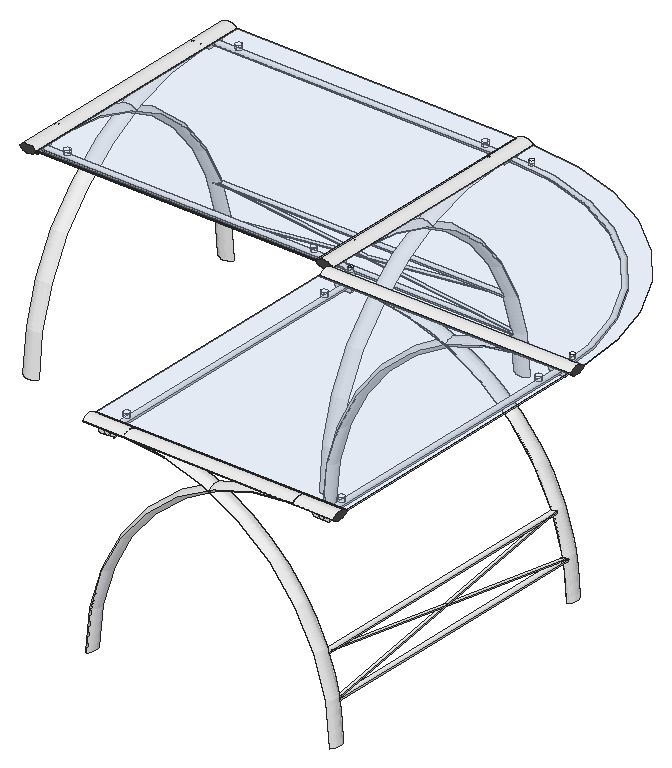
Revit family
Reference planes (in)
  plane 1 "Center Front/Back": y = 0
  plane 2: z = 0
  plane 3 "Center Left/Right": x = 0
  plane 4: y = -21
  plane 5: z = 28.62789
  plane 6: z = 5.25
  plane 7: x = -16.79278
  plane 8: y = -42
  plane 9: through (15.22929, 0, 10.73091) normal (-0.9616, 0, -0.2743)
  plane 10: y = -0.7013
  plane 11: y = -41.2987
  plane 12: x = -60.2537
  plane 13: x = -19.6563
  plane 14: z = 29.26852
  plane 15: z = 28.29026
Forms (in)
  Sweep 1, solid, material "Silver"
    path origin (0, 0, 0) x (1, 0, 0) y (0, 0, 1)
      loop
        arc (-12, 0) -> (-4.97056, 16.97056) -> (12, 24) r 24
    profile origin (-4.97056, 0, 16.97056) x (-0.707107, 0, 0.707107) y (0, -1, 0)
      loop
        arc (5.2675, 1.125) -> (4.76772, 0) -> (5.2675, -1.125) r 1.51607
        arc (5.2675, -1.125) -> (5.7675, 0) -> (5.2675, 1.125) r 1.51563
  Sweep 2, solid, material "Silver"
    path origin (0, 0, 0) x (-1, 0, 0) y (0, 0, 1)
      loop
        arc (-12, 0) -> (-4.97056, 16.97056) -> (12, 24) r 24
    profile origin (4.97056, 0, 16.97056) x (-0.707107, 0, -0.707107) y (0, -1, 0)
      loop
        arc (-5.2675, 1.125) -> (-5.7675, 0) -> (-5.2675, -1.125) r 1.51563
        arc (-5.2675, -1.125) -> (-4.76772, 0) -> (-5.2675, 1.125) r 1.51607
  Sweep 3, solid, material "Silver"
    path origin (0, 0, 0) x (1, 0, 0) y (0, 0, 1)
      loop
        line (17.7675, 29.2675) -> (-17.7675, 29.2675)
    profile origin (0, 0, 29.2675) x (0, 0, -1) y (0, -1, 0)
      loop
        arc (0, 1.1875) -> (-0.57384, 0) -> (0, -1.1875) r 1.51563
        arc (0, -1.1875) -> (0.57384, 0) -> (0, 1.1875) r 1.51563
  Extrusion 4, solid, material "Silver"
    sketch origin (0, 0, 0) x (1, 0, 0) y (0, 0, 1)
      loop
        arc (-16.07799, 28.66526) -> (-16.45299, 28.29026) -> (-16.07799, 27.91526) r 0.375
        line (-16.07799, 27.91526) -> (-14.32935, 27.91526)
        arc (-14.32935, 27.91526) -> (-13.95435, 28.29026) -> (-14.32935, 28.66526) r 0.375
        line (-14.32935, 28.66526) -> (-16.07799, 28.66526)
    from 0 to 0.125
  Extrusion 5, solid, material "Silver"
    sketch origin (0, 0, 0) x (-1, 0, 0) y (0, 0, -1)
      loop
        line (-16.07799, -28.66526) -> (-14.32935, -28.66526)
        arc (-14.32935, -28.66526) -> (-13.95435, -28.29026) -> (-14.32935, -27.91526) r 0.375
        line (-14.32935, -27.91526) -> (-16.07799, -27.91526)
        arc (-16.07799, -27.91526) -> (-16.45299, -28.29026) -> (-16.07799, -28.66526) r 0.375
    from 0 to 0.125
  Extrusion 6, solid, material "Silver"
    sketch origin (0, 0, 0) x (1, 0, 0) y (0, 0, 1)
      loop
        circle (-15.20367, 28.29026) r 0.375
      loop
        circle (15.20367, 28.29026) r 0.375
    from 0 to 42
  Sweep 7, solid, material "Silver"
    path origin (0, -42, 0) x (1, 0, 0) y (0, 0, -1)
      loop
        arc (-12, 0) -> (-4.97056, -16.97056) -> (12, -24) r 24
    profile origin (-4.97056, -42, 16.97056) x (0.707107, 0, -0.707107) y (0, 1, 0)
      loop
        arc (-5.2675, 1.125) -> (-5.7675, 0) -> (-5.2675, -1.125) r 1.51563
        arc (-5.2675, -1.125) -> (-4.76772, 0) -> (-5.2675, 1.125) r 1.51607
  Sweep 8, solid, material "Silver"
    path origin (0, -42, 0) x (-1, 0, 0) y (0, 0, 1)
      loop
        arc (-12, 0) -> (-4.97056, 16.97056) -> (12, 24) r 24
    profile origin (4.97056, -42, 16.97056) x (0.707107, 0, 0.707107) y (0, 1, 0)
      loop
        arc (5.2675, 1.125) -> (4.76772, 0) -> (5.2675, -1.125) r 1.51607
        arc (5.2675, -1.125) -> (5.7675, 0) -> (5.2675, 1.125) r 1.51563
  Sweep 9, solid
    path origin (0, -42, 0) x (1, 0, 0) y (0, 0, -1)
      loop
        line (17.7675, -29.2675) -> (-17.7675, -29.2675)
    profile origin (0, -42, 29.2675) x (0, 0, 1) y (0, 1, 0)
      loop
        arc (0, 1.1875) -> (-0.57384, 0) -> (0, -1.1875) r 1.51563
        arc (0, -1.1875) -> (0.57384, 0) -> (0, 1.1875) r 1.51563
  Extrusion 10, solid, material "Silver"
    sketch origin (0, -42, 0) x (1, 0, 0) y (0, 0, -1)
      loop
        line (-16.07799, -28.66526) -> (-14.32935, -28.66526)
        arc (-14.32935, -28.66526) -> (-13.95435, -28.29026) -> (-14.32935, -27.91526) r 0.375
        line (-14.32935, -27.91526) -> (-16.07799, -27.91526)
        arc (-16.07799, -27.91526) -> (-16.45299, -28.29026) -> (-16.07799, -28.66526) r 0.375
    from 0 to 0.125
  Extrusion 11, solid, material "Silver"
    sketch origin (0, -42, 0) x (-1, 0, 0) y (0, 0, 1)
      loop
        arc (-16.07799, 28.66526) -> (-16.45299, 28.29026) -> (-16.07799, 27.91526) r 0.375
        line (-16.07799, 27.91526) -> (-14.32935, 27.91526)
        arc (-14.32935, 27.91526) -> (-13.95435, 28.29026) -> (-14.32935, 28.66526) r 0.375
        line (-14.32935, 28.66526) -> (-16.07799, 28.66526)
    from 0 to 0.125
  Extrusion 12, solid, material "rubber"
    sketch origin (0, -1.125, 28.62789) x (0, 1, 0) y (-1, 0, 0)
      loop
        circle (-2.38838, 15.19858) r 0.42962
      loop
        circle (-37.36162, 15.19858) r 0.42962
      loop
        circle (-2.38838, -15.19858) r 0.42962
      loop
        circle (-37.36162, -15.19858) r 0.42962
    from 0 to 0.64063
  Extrusion 13, solid
    sketch origin (0, -1.125, 29.26852) x (0, 1, 0) y (-1, 0, 0)
      loop
        line (-0.0625, 17.7675) -> (-39.6875, 17.7675) -> (-39.6875, -17.7675) -> (-0.0625, -17.7675) -> (-0.0625, 17.7675)
    from 0 to 0.125
  Extrusion 14, solid, material "Silver"
    sketch origin (-17.7675, -42, 48) x (-1, 0, 0) y (0, 0, 1)
      loop
        circle (-34.56028, -42.75) r 0.33333
      loop
        circle (-33.00269, -37.28408) r 0.33333
    from 0 to 42
  Sweep 15, solid, material "Silver"
    path origin (15.22929, 0, 10.73091) x (-0.274318, 0, 0.961639) y (0, 1, 0)
      loop
        line (0.0754, -0.73458) -> (-5.60811, -41.29877)
    profile origin (15.98815, -21.01668, 8.07068) x (-0.271665, -0.138756, 0.952337) y (-0.961639, 0, -0.274318)
      loop
        circle (0, 0) r 0.2
  Sweep 16, solid, material "Silver"
    path origin (15.22929, -42, 10.73091) x (-0.274318, 0, 0.961639) y (0, 1, 0)
      loop
        line (0.0754, 0.73458) -> (-5.60811, 41.29877)
    profile origin (15.98815, -20.98332, 8.07068) x (0.271665, -0.138756, -0.952337) y (-0.961639, 0, -0.274318)
      loop
        circle (0, 0) r 0.2
  Sweep 17, solid, material "Silver"
    path origin (-60.955, 18.955, 0) x (0, 1, 0) y (0, 0, 1)
      loop
        arc (-12, 0) -> (-4.97056, 16.97056) -> (12, 24) r 24
    profile origin (-60.955, 13.98444, 16.97056) x (0, -0.707107, 0.707107) y (1, 0, 0)
      loop
        arc (5.2675, 1.125) -> (4.76772, 0) -> (5.2675, -1.125) r 1.51607
        arc (5.2675, -1.125) -> (5.7675, 0) -> (5.2675, 1.125) r 1.51563
  Sweep 18, solid, material "Silver"
    path origin (-60.955, 18.955, 0) x (0, -1, 0) y (0, 0, -1)
      loop
        arc (-12, 0) -> (-4.97056, -16.97056) -> (12, -24) r 24
    profile origin (-60.955, 23.92556, 16.97056) x (0, -0.707107, -0.707107) y (1, 0, 0)
      loop
        arc (-5.2675, 1.125) -> (-5.7675, 0) -> (-5.2675, -1.125) r 1.51563
        arc (-5.2675, -1.125) -> (-4.76772, 0) -> (-5.2675, 1.125) r 1.51607
  Sweep 19, solid, material "Silver"
    path origin (-60.955, 18.955, 0) x (0, 1, 0) y (0, 0, 1)
      loop
        line (17.7675, 29.2675) -> (-17.7675, 29.2675)
    profile origin (-60.955, 18.955, 29.2675) x (0, 0, -1) y (1, 0, 0)
      loop
        arc (0, 1.1875) -> (-0.57384, 0) -> (0, -1.1875) r 1.51563
        arc (0, -1.1875) -> (0.57384, 0) -> (0, 1.1875) r 1.51563
  Extrusion 20, solid, material "Silver"
    sketch origin (-60.955, 18.955, 0) x (0, 1, 0) y (0, 0, 1)
      loop
        arc (-16.07799, 28.66526) -> (-16.45299, 28.29026) -> (-16.07799, 27.91526) r 0.375
        line (-16.07799, 27.91526) -> (-14.32935, 27.91526)
        arc (-14.32935, 27.91526) -> (-13.95435, 28.29026) -> (-14.32935, 28.66526) r 0.375
        line (-14.32935, 28.66526) -> (-16.07799, 28.66526)
    from 0 to 0.125
  Extrusion 21, solid, material "Silver"
    sketch origin (-60.955, 18.955, 0) x (0, -1, 0) y (0, 0, -1)
      loop
        line (-16.07799, -28.66526) -> (-14.32935, -28.66526)
        arc (-14.32935, -28.66526) -> (-13.95435, -28.29026) -> (-14.32935, -27.91526) r 0.375
        line (-14.32935, -27.91526) -> (-16.07799, -27.91526)
        arc (-16.07799, -27.91526) -> (-16.45299, -28.29026) -> (-16.07799, -28.66526) r 0.375
    from 0 to 0.125
  Extrusion 22, solid, material "Silver"
    sketch origin (-60.955, 18.955, 0) x (0, 1, 0) y (0, 0, 1)
      loop
        circle (-15.20367, 28.29026) r 0.375
      loop
        circle (15.20367, 28.29026) r 0.375
    from 0 to 42
  Sweep 23, solid, material "Silver"
    path origin (-18.955, 18.955, 0) x (0, 1, 0) y (0, 0, -1)
      loop
        arc (-12, 0) -> (-4.97056, -16.97056) -> (12, -24) r 24
    profile origin (-18.955, 13.98444, 16.97056) x (0, 0.707107, -0.707107) y (-1, 0, 0)
      loop
        arc (-5.2675, 1.125) -> (-5.7675, 0) -> (-5.2675, -1.125) r 1.51563
        arc (-5.2675, -1.125) -> (-4.76772, 0) -> (-5.2675, 1.125) r 1.51607
  Sweep 24, solid, material "Silver"
    path origin (-18.955, 18.955, 0) x (0, -1, 0) y (0, 0, 1)
      loop
        arc (-12, 0) -> (-4.97056, 16.97056) -> (12, 24) r 24
    profile origin (-18.955, 23.92556, 16.97056) x (0, 0.707107, 0.707107) y (-1, 0, 0)
      loop
        arc (5.2675, 1.125) -> (4.76772, 0) -> (5.2675, -1.125) r 1.51607
        arc (5.2675, -1.125) -> (5.7675, 0) -> (5.2675, 1.125) r 1.51563
  Sweep 25, solid
    path origin (-18.955, 18.955, 0) x (0, 1, 0) y (0, 0, -1)
      loop
        line (17.7675, -29.2675) -> (-17.7675, -29.2675)
    profile origin (-18.955, 18.955, 29.2675) x (0, 0, 1) y (-1, 0, 0)
      loop
        arc (0, 1.1875) -> (-0.57384, 0) -> (0, -1.1875) r 1.51563
        arc (0, -1.1875) -> (0.57384, 0) -> (0, 1.1875) r 1.51563
  Extrusion 26, solid, material "Silver"
    sketch origin (-18.955, 18.955, 0) x (0, 1, 0) y (0, 0, -1)
      loop
        line (-16.07799, -28.66526) -> (-14.32935, -28.66526)
        arc (-14.32935, -28.66526) -> (-13.95435, -28.29026) -> (-14.32935, -27.91526) r 0.375
        line (-14.32935, -27.91526) -> (-16.07799, -27.91526)
        arc (-16.07799, -27.91526) -> (-16.45299, -28.29026) -> (-16.07799, -28.66526) r 0.375
    from 0 to 0.125
  Extrusion 27, solid, material "Silver"
    sketch origin (-18.955, 18.955, 0) x (0, -1, 0) y (0, 0, 1)
      loop
        arc (-16.07799, 28.66526) -> (-16.45299, 28.29026) -> (-16.07799, 27.91526) r 0.375
        line (-16.07799, 27.91526) -> (-14.32935, 27.91526)
        arc (-14.32935, 27.91526) -> (-13.95435, 28.29026) -> (-14.32935, 28.66526) r 0.375
        line (-14.32935, 28.66526) -> (-16.07799, 28.66526)
    from 0 to 0.125
  Extrusion 28, solid, material "rubber"
    sketch origin (-59.83, 18.955, 28.62789) x (-1, 0, 0) y (0, -1, 0)
      loop
        circle (-2.38838, 15.19858) r 0.42962
      loop
        circle (-37.36162, 15.19858) r 0.42962
      loop
        circle (-2.38838, -15.19858) r 0.42962
      loop
        circle (-37.36162, -15.19858) r 0.42962
    from 0 to 0.64063
  Extrusion 29, solid
    sketch origin (-59.83, 18.955, 29.26852) x (-1, 0, 0) y (0, -1, 0)
      loop
        line (-0.0625, 17.7675) -> (-39.6875, 17.7675) -> (-39.6875, -17.7675) -> (-0.0625, -17.7675) -> (-0.0625, 17.7675)
    from 0 to 0.125
  Extrusion 30, solid, material "Silver"
    sketch origin (-18.955, 1.1875, 48) x (0, -1, 0) y (0, 0, 1)
      loop
        circle (-34.56028, -42.75) r 0.33333
      loop
        circle (-33.00269, -37.28408) r 0.33333
    from 0 to 42
  Sweep 31, solid, material "Silver"
    path origin (-60.955, 34.18429, 10.73091) x (0, -0.274318, 0.961639) y (-1, 0, 0)
      loop
        line (0.0754, -0.73458) -> (-5.60811, -41.29877)
    profile origin (-39.93832, 34.94315, 8.07068) x (0.138756, -0.271665, 0.952337) y (0, -0.961639, -0.274318)
      loop
        circle (0, 0) r 0.2
  Sweep 32, solid, material "Silver"
    path origin (-18.955, 34.18429, 10.73091) x (0, -0.274318, 0.961639) y (-1, 0, 0)
      loop
        line (0.0754, 0.73458) -> (-5.60811, 41.29877)
    profile origin (-39.97168, 34.94315, 8.07068) x (0.138756, 0.271665, -0.952337) y (0, -0.961639, -0.274318)
      loop
        circle (0, 0) r 0.2
  Sweep 33, solid, material "Silver"
    path origin (-16.45299, -180, 28.29026) x (0, -1, 0) y (1, 0, 0)
      loop
        arc (-183.75133, -2.50201) -> (-182.65259, 0.15058) -> (-180, 1.24932) r 3.75133
    profile origin (-16.30241, 2.65259, 28.29026) x (0.707107, 0.707107, 0) y (0, 0, 1)
      loop
        circle (0, 0) r 0.33103
  Sweep 34, solid, material "Silver"
    path origin (-16.45299, -180, 28.29026) x (0, -1, 0) y (1, 0, 0)
      loop
        arc (-179.875, 31.65665) -> (-204.11721, 21.6152) -> (-214.15867, -2.62701) r 34.28367
    profile origin (5.16221, 24.11721, 28.29026) x (-0.707107, -0.707107, 0) y (0, 0, 1)
      loop
        circle (0, 0) r 0.33278
  Extrusion 35, solid, material "rubber"
    sketch origin (0, -1.125, 28.62789) x (0, 1, 0) y (-1, 0, 0)
      loop
        circle (3.77936, 16.33532) r 0.33333
      loop
        circle (35.12292, 15.78821) r 0.33333
      loop
        circle (3.77936, -15.08526) r 0.33333
    from 0 to 0.64063
  Extrusion 36, solid, material "BLue Glass"
    sketch origin (-59.83, 18.955, 29.26852) x (0, -1, 0) y (-1, 0, 0)
      loop
        line (17.7675, -42.0625) -> (-17.7675, -42.0625)
        arc (-17.7675, -42.0625) -> (-7.35954, -67.18954) -> (17.7675, -77.5975) r 35.535
        line (17.7675, -77.5975) -> (17.7675, -42.0625)
    from 0 to 0.125
Cuts and joins
  joined: Sweep 1, Sweep 2, Sweep 3, Sweep 8, Extrusion 14
Dimensions and locks (in)
  aligned: Extrusion 36 sketch curve to cut or joined group of Sweep 1, Sweep 2, Sweep 3, Sweep 8, Extrusion 14
